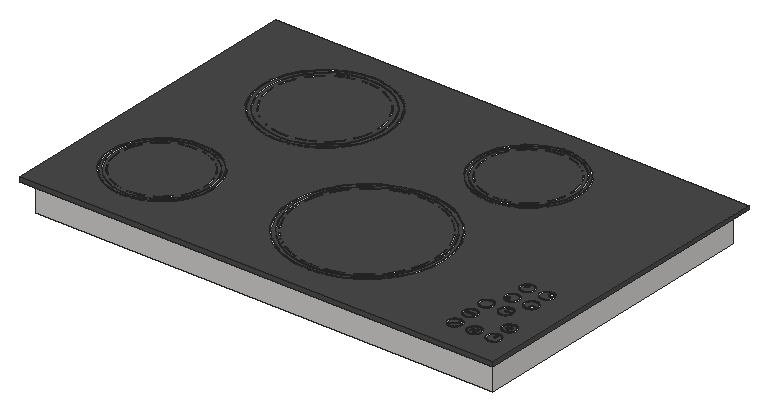
Revit family "QF_Summit_CR4B30T11B_Electric Cooktop", category Specialty Equipment, Revit 2020
Family settings
  Round Connector Dimension = Use Diameter
  Part Type = Normal
  Work Plane-Based = No
  Always vertical = Yes
  Cut with Voids When Loaded = No
  Shared = No
  Room Calculation Point = No
Parameters
  Weight in Pounds = 28
  Watts = Volts * FL Amps  # 6000 W
  Volts = 240 V
  URL Cutsheet = ""
  Specification by User = ""
  Specification by Manufacturer = ""
  Serial Number = ""
  Seismic Rating = ""
  SMACNA No = ""
  Revision Code = ""
  Phase = 1
  Number of Poles = 1
  NAFEM Spec ID Number = ""
  Model = "CR4B30T11B"
  Min Ckt Ampacity = 0 A
  Max Overcurrent Protection = 0 A
  Masterspec = ""
  Manufacturer = "Summit"
  Length = 30 1/4"
  Item Number = ""
  Installed By = ""
  Identify Quantity as Lot = yes
  Height = 2.13"
  HP = ""
  Furnished By = ""
  Foodservice Equipment Identifier = yes
  FL Amps = 25 A
  Electrical Remarks = ""
  Electric Connection Type = ""
  Elec Conn RI Height = 0"
  Elec Conn Connection Height = 0"
  Description = "Electric Cooktop"
  Depth = 20 1/2"
  Default Elevation = 0"
  Cycle = 60 Hz
  Conn Plug = ""
  Conn Conduit = yes
  CSI MasterFormat = ""
  Apparent Power = if(Phase = 3, Volts * FL Amps * 1.73, Volts * FL Amps)  # 6000 VA
Reference planes (in)
  plane 1 "BACK": y = 0
  plane 2: z = 0
  plane 3 "LEFT": x = 0
  plane 4 "RIGHT": x = 30.25
  plane 5 "FRONT": y = -20.5
  plane 6 "TOP": z = 2.13
  plane 7 "Center Y": x = 15.125
  plane 8 "Center X": y = -10.25
  plane 9: y = -19.875
  plane 10: y = -0.625
  plane 11: x = 0.5
  plane 12: x = 29.75
  plane 13: z = 1.88
  plane 14: z = -1
Forms (in)
  Extrusion 1, solid, material "QF_Plastic_Black_Smooth"
    sketch origin (-1.19104, -180, 1.88) x (-1, 0, 0) y (0, -1, 0)
      loop
        line (-1.19104, -180) -> (-1.19104, -159.5) -> (-31.44104, -159.5) -> (-31.44104, -180) -> (-1.19104, -180)
      loop
        circle (-8.72408, -174.48136) r 4
      loop
        circle (-8.72408, -174.48136) r 3.9375
      loop
        arc (-6.61566, -177.13723) -> (-6.23758, -176.78708) -> (-5.91691, -176.3837) r 3.39103
        line (-5.91691, -176.3837) -> (-5.94278, -176.36617)
        arc (-5.94278, -176.36617) -> (-6.26171, -176.76715) -> (-6.6379, -177.11498) r 3.35978
        line (-6.6379, -177.11498) -> (-6.61566, -177.13723)
      loop
        circle (-8.72408, -174.48136) r 3.6878
      loop
        circle (-8.72408, -174.48136) r 3.65655
      loop
        line (-7.02991, -177.41885) -> (-7.04552, -177.39178)
        arc (-7.04552, -177.39178) -> (-7.50193, -177.61097) -> (-7.9861, -177.75908) r 3.35978
        line (-7.9861, -177.75908) -> (-7.97924, -177.78957)
        arc (-7.97924, -177.78957) -> (-7.49057, -177.64008) -> (-7.02991, -177.41885) r 3.39103
      loop
        line (-8.46118, -177.86218) -> (-8.46361, -177.83102)
        arc (-8.46361, -177.83102) -> (-8.9861, -177.8309) -> (-9.50226, -177.74977) r 3.35978
        line (-9.50226, -177.74977) -> (-9.5095, -177.78017)
        arc (-9.5095, -177.78017) -> (-8.98854, -177.86206) -> (-8.46118, -177.86218) r 3.39103
      loop
        line (-9.97115, -177.63475) -> (-9.95966, -177.60569)
        arc (-9.95966, -177.60569) -> (-10.40776, -177.38882) -> (-10.8189, -177.10811) r 3.35978
        line (-10.8189, -177.10811) -> (-10.84114, -177.13035)
        arc (-10.84114, -177.13035) -> (-10.42495, -177.41498) -> (-9.97115, -177.63475) r 3.39103
      loop
        line (-11.20385, -176.79433) -> (-11.18173, -176.77222)
        arc (-11.18173, -176.77222) -> (-11.50442, -176.36758) -> (-11.76112, -175.91819) r 3.35978
        line (-11.76112, -175.91819) -> (-11.78937, -175.93155)
        arc (-11.78937, -175.93155) -> (-11.52997, -176.38558) -> (-11.20385, -176.79433) r 3.39103
      loop
        line (-11.95693, -175.50496) -> (-11.92714, -175.49553)
        arc (-11.92714, -175.49553) -> (-12.04445, -174.99446) -> (-12.08386, -174.48136) r 3.35978
        line (-12.08386, -174.48136) -> (-12.11511, -174.48136)
        arc (-12.11511, -174.48136) -> (-12.07533, -174.99923) -> (-11.95693, -175.50496) r 3.39103
      loop
        line (-12.08287, -174.01488) -> (-12.05192, -174.01917)
        arc (-12.05192, -174.01917) -> (-11.93927, -173.50635) -> (-11.74811, -173.01734) r 3.35978
        line (-11.74811, -173.01734) -> (-11.77624, -173.00372)
        arc (-11.77624, -173.00372) -> (-11.96918, -173.49728) -> (-12.08287, -174.01488) r 3.39103
      loop
        line (-11.54233, -172.59547) -> (-11.51636, -172.61285)
        arc (-11.51636, -172.61285) -> (-11.20163, -172.21203) -> (-10.82991, -171.86342) r 3.35978
        line (-10.82991, -171.86342) -> (-10.8495, -171.83907)
        arc (-10.8495, -171.83907) -> (-11.22468, -172.19092) -> (-11.54233, -172.59547) r 3.39103
      loop
        line (-10.46238, -171.56976) -> (-10.44636, -171.59659)
        arc (-10.44636, -171.59659) -> (-9.97824, -171.36443) -> (-9.47978, -171.20767) r 3.35978
        line (-9.47978, -171.20767) -> (-9.48681, -171.17722)
        arc (-9.48681, -171.17722) -> (-9.9899, -171.33544) -> (-10.46238, -171.56976) r 3.39103
      loop
        line (-9.02136, -171.10338) -> (-9.01862, -171.13451)
        arc (-9.01862, -171.13451) -> (-8.49549, -171.12936) -> (-7.97791, -171.20548) r 3.35978
        line (-7.97791, -171.20548) -> (-7.97097, -171.17501)
        arc (-7.97097, -171.17501) -> (-8.49337, -171.09818) -> (-9.02136, -171.10338) r 3.39103
      loop
        line (-7.4884, -171.32348) -> (-7.49979, -171.35258)
        arc (-7.49979, -171.35258) -> (-7.03485, -171.57712) -> (-6.6098, -171.87024) r 3.35978
        line (-6.6098, -171.87024) -> (-6.58758, -171.84802)
        arc (-6.58758, -171.84802) -> (-7.01771, -171.55093) -> (-7.4884, -171.32348) r 3.39103
      loop
        line (-6.22346, -172.19094) -> (-6.24558, -172.21306)
        arc (-6.24558, -172.21306) -> (-5.93741, -172.60449) -> (-5.69052, -173.03719) r 3.35978
        line (-5.69052, -173.03719) -> (-5.6623, -173.02376)
        arc (-5.6623, -173.02376) -> (-5.91188, -172.58646) -> (-6.22346, -172.19094) r 3.39103
      loop
        line (-5.47708, -173.50356) -> (-5.507, -173.51257)
        arc (-5.507, -173.51257) -> (-5.40017, -173.99174) -> (-5.3643, -174.48136) r 3.35978
        line (-5.3643, -174.48136) -> (-5.33305, -174.48136)
        arc (-5.33305, -174.48136) -> (-5.36925, -173.98718) -> (-5.47708, -173.50356) r 3.39103
      loop
        line (-5.37516, -175.01409) -> (-5.40602, -175.00918)
        arc (-5.40602, -175.00918) -> (-5.51874, -175.4883) -> (-5.70026, -175.94581) r 3.35978
        line (-5.70026, -175.94581) -> (-5.67213, -175.95943)
        arc (-5.67213, -175.95943) -> (-5.48893, -175.49767) -> (-5.37516, -175.01409) r 3.39103
      loop
        circle (-6.23407, -164.51714) r 3.25
      loop
        circle (-6.23407, -164.51714) r 3.1875
      loop
        circle (-6.23407, -164.51714) r 3.01918
      loop
        circle (-6.23407, -164.51714) r 2.98793
      loop
        arc (-3.84186, -165.92561) -> (-3.62719, -165.47142) -> (-3.49789, -164.98597) r 2.77605
        line (-3.49789, -164.98597) -> (-3.52869, -164.98069)
        arc (-3.52869, -164.98069) -> (-3.65653, -165.46067) -> (-3.86878, -165.90976) r 2.7448
        line (-3.86878, -165.90976) -> (-3.84186, -165.92561)
      loop
        line (-4.0982, -166.29042) -> (-4.12224, -166.27046)
        arc (-4.12224, -166.27046) -> (-4.45843, -166.61024) -> (-4.84846, -166.88654) r 2.7448
        line (-4.84846, -166.88654) -> (-4.83269, -166.91351)
        arc (-4.83269, -166.91351) -> (-4.43821, -166.63407) -> (-4.0982, -166.29042) r 2.77605
      loop
        line (-5.27513, -167.12231) -> (-5.28592, -167.09298)
        arc (-5.28592, -167.09298) -> (-5.76727, -167.22196) -> (-6.26401, -167.26178) r 2.7448
        line (-6.26401, -167.26178) -> (-6.26401, -167.29303)
        arc (-6.26401, -167.29303) -> (-5.76179, -167.25272) -> (-5.27513, -167.12231) r 2.77605
      loop
        line (-6.73487, -167.24765) -> (-6.72923, -167.21691)
        arc (-6.72923, -167.21691) -> (-7.19178, -167.08944) -> (-7.62507, -166.88337) r 2.7448
        line (-7.62507, -166.88337) -> (-7.64091, -166.91031)
        arc (-7.64091, -166.91031) -> (-7.20269, -167.11872) -> (-6.73487, -167.24765) r 2.77605
      loop
        arc (-7.98279, -166.63277) -> (-8.3408, -166.27658) -> (-8.62748, -165.86082) r 2.7448
        line (-8.62748, -165.86082) -> (-8.65473, -165.87612)
        arc (-8.65473, -165.87612) -> (-8.36573, -166.29547) -> (-8.00499, -166.65497) r 2.77605
        line (-8.00499, -166.65497) -> (-7.98279, -166.63277)
      loop
        arc (-8.82015, -165.43698) -> (-8.9406, -164.97389) -> (-8.97879, -164.49693) r 2.7448
        line (-8.97879, -164.49693) -> (-9.01004, -164.49693)
        arc (-9.01004, -164.49693) -> (-8.97139, -164.9792) -> (-8.84959, -165.44745) r 2.77605
        line (-8.84959, -165.44745) -> (-8.82015, -165.43698)
      loop
        arc (-8.9391, -164.05157) -> (-8.81254, -163.57616) -> (-8.60314, -163.13099) r 2.7448
        line (-8.60314, -163.13099) -> (-8.63012, -163.11521)
        arc (-8.63012, -163.11521) -> (-8.84189, -163.56545) -> (-8.96989, -164.04627) r 2.77605
        line (-8.96989, -164.04627) -> (-8.9391, -164.05157)
      loop
        arc (-8.33993, -162.75666) -> (-8.00222, -162.41772) -> (-7.61079, -162.14257) r 2.7448
        line (-7.61079, -162.14257) -> (-7.62646, -162.11554)
        arc (-7.62646, -162.11554) -> (-8.02128, -162.39292) -> (-8.36211, -162.73448) r 2.77605
        line (-8.36211, -162.73448) -> (-8.33993, -162.75666)
      loop
        arc (-7.18859, -161.94365) -> (-6.72422, -161.81646) -> (-6.24478, -161.77236) r 2.7448
        line (-6.24478, -161.77236) -> (-6.24478, -161.74111)
        arc (-6.24478, -161.74111) -> (-6.72975, -161.7857) -> (-7.19946, -161.91435) r 2.77605
        line (-7.19946, -161.91435) -> (-7.18859, -161.94365)
      loop
        arc (-5.81527, -161.80447) -> (-5.30447, -161.93454) -> (-4.82795, -162.15985) r 2.7448
        line (-4.82795, -162.15985) -> (-4.81194, -162.13302)
        arc (-4.81194, -162.13302) -> (-5.29389, -161.90514) -> (-5.8105, -161.77359) r 2.77605
        line (-5.8105, -161.77359) -> (-5.81527, -161.80447)
      loop
        arc (-4.491, -162.39684) -> (-4.12879, -162.75595) -> (-3.83929, -163.17588) r 2.7448
        line (-3.83929, -163.17588) -> (-3.81202, -163.16061)
        arc (-3.81202, -163.16061) -> (-4.10385, -162.73707) -> (-4.4688, -162.37464) r 2.77605
        line (-4.4688, -162.37464) -> (-4.491, -162.39684)
      loop
        arc (-3.65648, -163.57376) -> (-3.52834, -164.05565) -> (-3.48949, -164.55278) r 2.7448
        line (-3.48949, -164.55278) -> (-3.45824, -164.55278)
        arc (-3.45824, -164.55278) -> (-3.49757, -164.0502) -> (-3.62713, -163.56302) r 2.77605
        line (-3.62713, -163.56302) -> (-3.65648, -163.57376)
      loop
        circle (-20.9804, -175.4572) r 3.25
      loop
        circle (-20.9804, -175.4572) r 3.1875
      loop
        circle (-20.9804, -175.4572) r 3.01918
      loop
        circle (-20.9804, -175.4572) r 2.98793
      loop
        arc (-18.58819, -176.86568) -> (-18.37352, -176.41148) -> (-18.24422, -175.92603) r 2.77605
        line (-18.24422, -175.92603) -> (-18.27502, -175.92075)
        arc (-18.27502, -175.92075) -> (-18.40287, -176.40074) -> (-18.61512, -176.84982) r 2.7448
        line (-18.61512, -176.84982) -> (-18.58819, -176.86568)
      loop
        line (-18.84453, -177.23049) -> (-18.86858, -177.21053)
        arc (-18.86858, -177.21053) -> (-19.20476, -177.5503) -> (-19.5948, -177.8266) r 2.7448
        line (-19.5948, -177.8266) -> (-19.57902, -177.85358)
        arc (-19.57902, -177.85358) -> (-19.18455, -177.57413) -> (-18.84453, -177.23049) r 2.77605
      loop
        line (-20.02146, -178.06237) -> (-20.03226, -178.03304)
        arc (-20.03226, -178.03304) -> (-20.51361, -178.16202) -> (-21.01034, -178.20184) r 2.7448
        line (-21.01034, -178.20184) -> (-21.01034, -178.23309)
        arc (-21.01034, -178.23309) -> (-20.50812, -178.19279) -> (-20.02146, -178.06237) r 2.77605
      loop
        line (-21.4812, -178.18771) -> (-21.47556, -178.15697)
        arc (-21.47556, -178.15697) -> (-21.93812, -178.0295) -> (-22.37141, -177.82343) r 2.7448
        line (-22.37141, -177.82343) -> (-22.38724, -177.85037)
        arc (-22.38724, -177.85037) -> (-21.94902, -178.05879) -> (-21.4812, -178.18771) r 2.77605
      loop
        arc (-22.72912, -177.57283) -> (-23.08713, -177.21664) -> (-23.37382, -176.80089) r 2.7448
        line (-23.37382, -176.80089) -> (-23.40107, -176.81619)
        arc (-23.40107, -176.81619) -> (-23.11207, -177.23553) -> (-22.75132, -177.59503) r 2.77605
        line (-22.75132, -177.59503) -> (-22.72912, -177.57283)
      loop
        arc (-23.56649, -176.37704) -> (-23.68693, -175.91395) -> (-23.72513, -175.43699) r 2.7448
        line (-23.72513, -175.43699) -> (-23.75638, -175.43699)
        arc (-23.75638, -175.43699) -> (-23.71773, -175.91927) -> (-23.59593, -176.38751) r 2.77605
        line (-23.59593, -176.38751) -> (-23.56649, -176.37704)
      loop
        arc (-23.68543, -174.99163) -> (-23.55887, -174.51623) -> (-23.34948, -174.07105) r 2.7448
        line (-23.34948, -174.07105) -> (-23.37645, -174.05527)
        arc (-23.37645, -174.05527) -> (-23.58823, -174.50551) -> (-23.71623, -174.98633) r 2.77605
        line (-23.71623, -174.98633) -> (-23.68543, -174.99163)
      loop
        arc (-23.08626, -173.69672) -> (-22.74856, -173.35778) -> (-22.35712, -173.08263) r 2.7448
        line (-22.35712, -173.08263) -> (-22.3728, -173.0556)
        arc (-22.3728, -173.0556) -> (-22.76762, -173.33298) -> (-23.10845, -173.67454) r 2.77605
        line (-23.10845, -173.67454) -> (-23.08626, -173.69672)
      loop
        arc (-21.93492, -172.88372) -> (-21.47056, -172.75652) -> (-20.99111, -172.71242) r 2.7448
        line (-20.99111, -172.71242) -> (-20.99111, -172.68117)
        arc (-20.99111, -172.68117) -> (-21.47608, -172.72576) -> (-21.94579, -172.85442) r 2.77605
        line (-21.94579, -172.85442) -> (-21.93492, -172.88372)
      loop
        arc (-20.56161, -172.74454) -> (-20.05081, -172.87461) -> (-19.57429, -173.09992) r 2.7448
        line (-19.57429, -173.09992) -> (-19.55828, -173.07308)
        arc (-19.55828, -173.07308) -> (-20.04022, -172.8452) -> (-20.55684, -172.71365) r 2.77605
        line (-20.55684, -172.71365) -> (-20.56161, -172.74454)
      loop
        arc (-19.23733, -173.3369) -> (-18.87513, -173.69602) -> (-18.58562, -174.11594) r 2.7448
        line (-18.58562, -174.11594) -> (-18.55836, -174.10067)
        arc (-18.55836, -174.10067) -> (-18.85018, -173.67714) -> (-19.21513, -173.3147) r 2.77605
        line (-19.21513, -173.3147) -> (-19.23733, -173.3369)
      loop
        arc (-18.40281, -174.51382) -> (-18.27467, -174.99572) -> (-18.23583, -175.49284) r 2.7448
        line (-18.23583, -175.49284) -> (-18.20458, -175.49284)
        arc (-18.20458, -175.49284) -> (-18.2439, -174.99026) -> (-18.37346, -174.50308) r 2.77605
        line (-18.37346, -174.50308) -> (-18.40281, -174.51382)
      loop
        circle (-18.19961, -166.01665) r 4.875
      loop
        circle (-18.19961, -166.01665) r 4.8125
      loop
        circle (-18.19961, -166.01665) r 4.60317
      loop
        circle (-18.19961, -166.01665) r 4.57192
      loop
        arc (-21.55903, -163.16267) -> (-21.88385, -163.59648) -> (-22.15299, -164.06686) r 4.40804
        line (-22.15299, -164.06686) -> (-22.12496, -164.08069)
        arc (-22.12496, -164.08069) -> (-21.85843, -163.6147) -> (-21.53686, -163.18484) r 4.37679
        line (-21.53686, -163.18484) -> (-21.55903, -163.16267)
      loop
        arc (-20.39444, -162.19388) -> (-20.83409, -162.48247) -> (-21.23623, -162.82137) r 4.40804
        line (-21.23623, -162.82137) -> (-21.21413, -162.84348)
        arc (-21.21413, -162.84348) -> (-20.81509, -162.50729) -> (-20.37888, -162.22098) r 4.37679
        line (-20.37888, -162.22098) -> (-20.39444, -162.19388)
      loop
        line (-22.30678, -164.50421) -> (-22.33611, -164.49341)
        arc (-22.33611, -164.49341) -> (-22.48696, -164.9922) -> (-22.5779, -165.50531) r 4.40804
        line (-22.5779, -165.50531) -> (-22.54686, -165.50894)
        arc (-22.54686, -165.50894) -> (-22.45657, -164.99946) -> (-22.30678, -164.50421) r 4.37679
      loop
        line (-22.57638, -166.00127) -> (-22.60763, -166.00127)
        arc (-22.60763, -166.00127) -> (-22.57905, -166.51801) -> (-22.49011, -167.02784) r 4.40804
        line (-22.49011, -167.02784) -> (-22.45969, -167.02067)
        arc (-22.45969, -167.02067) -> (-22.54801, -166.5144) -> (-22.57638, -166.00127) r 4.37679
      loop
        line (-22.32077, -167.49054) -> (-22.3502, -167.50106)
        arc (-22.3502, -167.50106) -> (-22.13797, -167.9966) -> (-21.86683, -168.46253) r 4.40804
        line (-21.86683, -168.46253) -> (-21.84084, -168.44519)
        arc (-21.84084, -168.44519) -> (-22.11005, -167.98256) -> (-22.32077, -167.49054) r 4.37679
      loop
        line (-21.5692, -168.80988) -> (-21.59326, -168.82983)
        arc (-21.59326, -168.82983) -> (-21.21276, -169.23407) -> (-20.78447, -169.58727) r 4.40804
        line (-20.78447, -169.58727) -> (-20.76209, -169.56489)
        arc (-20.76209, -169.56489) -> (-21.18957, -169.21297) -> (-21.5692, -168.80988) r 4.37679
      loop
        line (-20.42632, -169.78468) -> (-20.44222, -169.81159)
        arc (-20.44222, -169.81159) -> (-19.95568, -170.0598) -> (-19.44218, -170.24593) r 4.40804
        line (-19.44218, -170.24593) -> (-19.43337, -170.21595)
        arc (-19.43337, -170.21595) -> (-19.94323, -170.03113) -> (-20.42632, -169.78468) r 4.37679
      loop
        line (-18.98147, -170.32304) -> (-18.98705, -170.35379)
        arc (-18.98705, -170.35379) -> (-18.45877, -170.41706) -> (-17.92672, -170.41623) r 4.40804
        line (-17.92672, -170.41623) -> (-17.92865, -170.38504)
        arc (-17.92865, -170.38504) -> (-18.45694, -170.38587) -> (-18.98147, -170.32304) r 4.37679
      loop
        line (-17.46485, -170.33132) -> (-17.45961, -170.36213)
        arc (-17.45961, -170.36213) -> (-16.93855, -170.24045) -> (-16.43608, -170.05654) r 4.40804
        line (-16.43608, -170.05654) -> (-16.44858, -170.0279)
        arc (-16.44858, -170.0279) -> (-16.94749, -170.21051) -> (-17.46485, -170.33132) r 4.37679
      loop
        line (-16.01395, -169.80864) -> (-15.99835, -169.83571)
        arc (-15.99835, -169.83571) -> (-15.56252, -169.54887) -> (-15.16364, -169.21253) r 4.40804
        line (-15.16364, -169.21253) -> (-15.18575, -169.19043)
        arc (-15.18575, -169.19043) -> (-15.58154, -169.52406) -> (-16.01395, -169.80864) r 4.37679
      loop
        line (-14.85725, -168.8424) -> (-14.83338, -168.86258)
        arc (-14.83338, -168.86258) -> (-14.51433, -168.43523) -> (-14.24923, -167.97247) r 4.40804
        line (-14.24923, -167.97247) -> (-14.27723, -167.95861)
        arc (-14.27723, -167.95861) -> (-14.54046, -168.41808) -> (-14.85725, -168.8424) r 4.37679
      loop
        line (-14.10163, -167.55378) -> (-14.07237, -167.56476)
        arc (-14.07237, -167.56476) -> (-13.91347, -167.0461) -> (-13.81948, -166.51185) r 4.40804
        line (-13.81948, -166.51185) -> (-13.85053, -166.50834)
        arc (-13.85053, -166.50834) -> (-13.94385, -167.0388) -> (-14.10163, -167.55378) r 4.37679
      loop
        line (-13.82292, -166.04529) -> (-13.79167, -166.04529)
        arc (-13.79167, -166.04529) -> (-13.82232, -165.49693) -> (-13.92092, -164.95663) r 4.40804
        line (-13.92092, -164.95663) -> (-13.95126, -164.96415)
        arc (-13.95126, -164.96415) -> (-13.85334, -165.50071) -> (-13.82292, -166.04529) r 4.37679
      loop
        line (-14.08223, -164.53225) -> (-14.05283, -164.52165)
        arc (-14.05283, -164.52165) -> (-14.26844, -164.02248) -> (-14.54388, -163.55364) r 4.40804
        line (-14.54388, -163.55364) -> (-14.56979, -163.5711)
        arc (-14.56979, -163.5711) -> (-14.29631, -164.03661) -> (-14.08223, -164.53225) r 4.37679
      loop
        line (-14.85238, -163.19666) -> (-14.8302, -163.17449)
        arc (-14.8302, -163.17449) -> (-15.20489, -162.78208) -> (-15.62495, -162.43867) r 4.40804
        line (-15.62495, -162.43867) -> (-15.6432, -162.46403)
        arc (-15.6432, -162.46403) -> (-15.22515, -162.80591) -> (-14.85238, -163.19666) r 4.37679
      loop
        arc (-16.01609, -162.18741) -> (-16.49122, -161.95313) -> (-16.99102, -161.77753) r 4.40804
        line (-16.99102, -161.77753) -> (-16.99959, -161.80758)
        arc (-16.99959, -161.80758) -> (-16.50333, -161.98193) -> (-16.03157, -162.21456) r 4.37679
        line (-16.03157, -162.21456) -> (-16.01609, -162.18741)
      loop
        arc (-17.43348, -161.6757) -> (-17.97429, -161.61437) -> (-18.51853, -161.62016) r 4.40804
        line (-18.51853, -161.62016) -> (-18.51853, -161.65149)
        arc (-18.51853, -161.65149) -> (-17.97702, -161.64552) -> (-17.43892, -161.70647) r 4.37679
        line (-17.43892, -161.70647) -> (-17.43348, -161.6757)
      loop
        arc (-18.96637, -161.67581) -> (-19.4832, -161.79963) -> (-19.98137, -161.98475) r 4.40804
        line (-19.98137, -161.98475) -> (-19.96874, -162.01334)
        arc (-19.96874, -162.01334) -> (-19.4741, -161.82953) -> (-18.96094, -161.70658) r 4.37679
        line (-18.96094, -161.70658) -> (-18.96637, -161.67581)
      loop
        circle (-28.09331, -166.50528) r 0.42869
      loop
        circle (-28.09331, -166.50528) r 0.39744
      loop
        circle (-27.93226, -166.66736) r 0.13534
      loop
        circle (-29.32929, -166.50528) r 0.42869
      loop
        circle (-29.32929, -166.50528) r 0.39744
      loop
        circle (-29.49034, -166.66736) r 0.13534
      loop
        circle (-28.09331, -165.25844) r 0.42869
      loop
        circle (-28.09331, -165.25844) r 0.39744
      loop
        circle (-27.93226, -165.09635) r 0.13534
      loop
        circle (-29.32929, -165.25844) r 0.42869
      loop
        circle (-29.32929, -165.25844) r 0.39744
      loop
        circle (-29.49034, -165.09635) r 0.13534
      loop
        circle (-27.47052, -163.98336) r 0.42869
      loop
        circle (-27.47052, -163.98336) r 0.36619
      loop
        circle (-28.72052, -163.98336) r 0.42869
      loop
        circle (-28.72052, -163.98336) r 0.39744
      loop
        line (-28.66923, -163.93128) -> (-29.04792, -163.99805) -> (-28.73876, -164.0251) -> (-28.70296, -164.31671) -> (-28.66923, -163.93128)
      loop
        circle (-27.45184, -162.7303) r 0.42869
      loop
        circle (-27.45184, -162.7303) r 0.39744
      loop
        circle (-29.95184, -162.7303) r 0.42869
      loop
        circle (-29.95184, -162.7303) r 0.39744
      loop
        circle (-27.44939, -161.49453) r 0.42869
      loop
        circle (-27.44939, -161.49453) r 0.39744
      loop
        circle (-28.70437, -161.49453) r 0.42869
      loop
        circle (-28.70437, -161.49453) r 0.39744
      loop
        circle (-29.93468, -161.49453) r 0.42869
      loop
        circle (-29.93468, -161.49453) r 0.39744
      loop
        arc (-27.61488, -161.61721) -> (-27.68992, -161.73628) -> (-27.57085, -161.66124) r 0.07216
        line (-27.57085, -161.66124) -> (-27.20903, -161.29941) -> (-27.25306, -161.25538) -> (-27.61488, -161.61721)
      loop
        line (-28.74652, -161.69667) -> (-28.74652, -161.32296) -> (-28.87513, -161.32296) -> (-28.87513, -161.69667) -> (-28.74652, -161.69667)
      loop
        line (-28.72039, -161.50982) -> (-28.4702, -161.6485) -> (-28.4702, -161.37114) -> (-28.72039, -161.50982)
      loop
        line (-27.2153, -162.79577) -> (-27.2153, -162.67776) -> (-27.6919, -162.67776) -> (-27.6919, -162.79577) -> (-27.2153, -162.79577)
      loop
        line (-29.99819, -161.83405) -> (-29.89614, -161.83405) -> (-29.89614, -161.53391) -> (-29.99819, -161.53391) -> (-29.99819, -161.83405)
      loop
        line (-29.91177, -162.90394) -> (-29.91177, -162.77433) -> (-29.7836, -162.77433) -> (-29.7836, -162.68296) -> (-29.91177, -162.68296) -> (-29.91177, -162.55247) -> (-29.99935, -162.55247) -> (-29.99935, -162.68296) -> (-30.11941, -162.68296) -> (-30.11941, -162.77433) -> (-29.99935, -162.77433) -> (-29.99935, -162.90394) -> (-29.91177, -162.90394)
    from 0 to 0.25
  Extrusion 2, solid, material "QF_Plastic_White_Smooth"
    sketch origin (-1.19104, -180, 1.88) x (-1, 0, 0) y (0, -1, 0)
      loop
        circle (-8.72408, -174.48136) r 4
      loop
        circle (-8.72408, -174.48136) r 3.9375
      loop
        circle (-8.72408, -174.48136) r 3.6878
      loop
        circle (-8.72408, -174.48136) r 3.65655
      loop
        line (-5.37516, -175.01409) -> (-5.40602, -175.00918)
        arc (-5.40602, -175.00918) -> (-5.51874, -175.4883) -> (-5.70026, -175.94581) r 3.35978
        line (-5.70026, -175.94581) -> (-5.67213, -175.95943)
        arc (-5.67213, -175.95943) -> (-5.48893, -175.49767) -> (-5.37516, -175.01409) r 3.39103
      loop
        line (-5.47708, -173.50356) -> (-5.507, -173.51257)
        arc (-5.507, -173.51257) -> (-5.40017, -173.99174) -> (-5.3643, -174.48136) r 3.35978
        line (-5.3643, -174.48136) -> (-5.33305, -174.48136)
        arc (-5.33305, -174.48136) -> (-5.36925, -173.98718) -> (-5.47708, -173.50356) r 3.39103
      loop
        line (-6.22346, -172.19094) -> (-6.24558, -172.21306)
        arc (-6.24558, -172.21306) -> (-5.93741, -172.60449) -> (-5.69052, -173.03719) r 3.35978
        line (-5.69052, -173.03719) -> (-5.6623, -173.02376)
        arc (-5.6623, -173.02376) -> (-5.91188, -172.58646) -> (-6.22346, -172.19094) r 3.39103
      loop
        line (-7.4884, -171.32348) -> (-7.49979, -171.35258)
        arc (-7.49979, -171.35258) -> (-7.03485, -171.57712) -> (-6.6098, -171.87024) r 3.35978
        line (-6.6098, -171.87024) -> (-6.58758, -171.84802)
        arc (-6.58758, -171.84802) -> (-7.01771, -171.55093) -> (-7.4884, -171.32348) r 3.39103
      loop
        line (-9.02136, -171.10338) -> (-9.01862, -171.13451)
        arc (-9.01862, -171.13451) -> (-8.49549, -171.12936) -> (-7.97791, -171.20548) r 3.35978
        line (-7.97791, -171.20548) -> (-7.97097, -171.17501)
        arc (-7.97097, -171.17501) -> (-8.49337, -171.09818) -> (-9.02136, -171.10338) r 3.39103
      loop
        line (-10.46238, -171.56976) -> (-10.44636, -171.59659)
        arc (-10.44636, -171.59659) -> (-9.97824, -171.36443) -> (-9.47978, -171.20767) r 3.35978
        line (-9.47978, -171.20767) -> (-9.48681, -171.17722)
        arc (-9.48681, -171.17722) -> (-9.9899, -171.33544) -> (-10.46238, -171.56976) r 3.39103
      loop
        line (-11.54233, -172.59547) -> (-11.51636, -172.61285)
        arc (-11.51636, -172.61285) -> (-11.20163, -172.21203) -> (-10.82991, -171.86342) r 3.35978
        line (-10.82991, -171.86342) -> (-10.8495, -171.83907)
        arc (-10.8495, -171.83907) -> (-11.22468, -172.19092) -> (-11.54233, -172.59547) r 3.39103
      loop
        line (-12.08287, -174.01488) -> (-12.05192, -174.01917)
        arc (-12.05192, -174.01917) -> (-11.93927, -173.50635) -> (-11.74811, -173.01734) r 3.35978
        line (-11.74811, -173.01734) -> (-11.77624, -173.00372)
        arc (-11.77624, -173.00372) -> (-11.96918, -173.49728) -> (-12.08287, -174.01488) r 3.39103
      loop
        line (-11.95693, -175.50496) -> (-11.92714, -175.49553)
        arc (-11.92714, -175.49553) -> (-12.04445, -174.99446) -> (-12.08386, -174.48136) r 3.35978
        line (-12.08386, -174.48136) -> (-12.11511, -174.48136)
        arc (-12.11511, -174.48136) -> (-12.07533, -174.99923) -> (-11.95693, -175.50496) r 3.39103
      loop
        line (-11.20385, -176.79433) -> (-11.18173, -176.77222)
        arc (-11.18173, -176.77222) -> (-11.50442, -176.36758) -> (-11.76112, -175.91819) r 3.35978
        line (-11.76112, -175.91819) -> (-11.78937, -175.93155)
        arc (-11.78937, -175.93155) -> (-11.52997, -176.38558) -> (-11.20385, -176.79433) r 3.39103
      loop
        line (-9.97115, -177.63475) -> (-9.95966, -177.60569)
        arc (-9.95966, -177.60569) -> (-10.40776, -177.38882) -> (-10.8189, -177.10811) r 3.35978
        line (-10.8189, -177.10811) -> (-10.84114, -177.13035)
        arc (-10.84114, -177.13035) -> (-10.42495, -177.41498) -> (-9.97115, -177.63475) r 3.39103
      loop
        line (-8.46118, -177.86218) -> (-8.46361, -177.83102)
        arc (-8.46361, -177.83102) -> (-8.9861, -177.8309) -> (-9.50226, -177.74977) r 3.35978
        line (-9.50226, -177.74977) -> (-9.5095, -177.78017)
        arc (-9.5095, -177.78017) -> (-8.98854, -177.86206) -> (-8.46118, -177.86218) r 3.39103
      loop
        line (-7.02991, -177.41885) -> (-7.04552, -177.39178)
        arc (-7.04552, -177.39178) -> (-7.50193, -177.61097) -> (-7.9861, -177.75908) r 3.35978
        line (-7.9861, -177.75908) -> (-7.97924, -177.78957)
        arc (-7.97924, -177.78957) -> (-7.49057, -177.64008) -> (-7.02991, -177.41885) r 3.39103
      loop
        line (-5.91691, -176.3837) -> (-5.94278, -176.36617)
        arc (-5.94278, -176.36617) -> (-6.26171, -176.76715) -> (-6.6379, -177.11498) r 3.35978
        line (-6.6379, -177.11498) -> (-6.61566, -177.13723)
        arc (-6.61566, -177.13723) -> (-6.23758, -176.78708) -> (-5.91691, -176.3837) r 3.39103
      loop
        circle (-6.23407, -164.51714) r 3.25
      loop
        circle (-6.23407, -164.51714) r 3.1875
      loop
        circle (-6.23407, -164.51714) r 3.01918
      loop
        circle (-6.23407, -164.51714) r 2.98793
      loop
        line (-3.86878, -165.90976) -> (-3.84186, -165.92561)
        arc (-3.84186, -165.92561) -> (-3.62719, -165.47142) -> (-3.49789, -164.98597) r 2.77605
        line (-3.49789, -164.98597) -> (-3.52869, -164.98069)
        arc (-3.52869, -164.98069) -> (-3.65653, -165.46067) -> (-3.86878, -165.90976) r 2.7448
      loop
        line (-3.48949, -164.55278) -> (-3.45824, -164.55278)
        arc (-3.45824, -164.55278) -> (-3.49757, -164.0502) -> (-3.62713, -163.56302) r 2.77605
        line (-3.62713, -163.56302) -> (-3.65648, -163.57376)
        arc (-3.65648, -163.57376) -> (-3.52834, -164.05565) -> (-3.48949, -164.55278) r 2.7448
      loop
        line (-4.0982, -166.29042) -> (-4.12224, -166.27046)
        arc (-4.12224, -166.27046) -> (-4.45843, -166.61024) -> (-4.84846, -166.88654) r 2.7448
        line (-4.84846, -166.88654) -> (-4.83269, -166.91351)
        arc (-4.83269, -166.91351) -> (-4.43821, -166.63407) -> (-4.0982, -166.29042) r 2.77605
      loop
        line (-6.26401, -167.26178) -> (-6.26401, -167.29303)
        arc (-6.26401, -167.29303) -> (-5.76179, -167.25272) -> (-5.27513, -167.12231) r 2.77605
        line (-5.27513, -167.12231) -> (-5.28592, -167.09298)
        arc (-5.28592, -167.09298) -> (-5.76727, -167.22196) -> (-6.26401, -167.26178) r 2.7448
      loop
        line (-7.62507, -166.88337) -> (-7.64091, -166.91031)
        arc (-7.64091, -166.91031) -> (-7.20269, -167.11872) -> (-6.73487, -167.24765) r 2.77605
        line (-6.73487, -167.24765) -> (-6.72923, -167.21691)
        arc (-6.72923, -167.21691) -> (-7.19178, -167.08944) -> (-7.62507, -166.88337) r 2.7448
      loop
        line (-8.62748, -165.86082) -> (-8.65473, -165.87612)
        arc (-8.65473, -165.87612) -> (-8.36573, -166.29547) -> (-8.00499, -166.65497) r 2.77605
        line (-8.00499, -166.65497) -> (-7.98279, -166.63277)
        arc (-7.98279, -166.63277) -> (-8.3408, -166.27658) -> (-8.62748, -165.86082) r 2.7448
      loop
        line (-8.84959, -165.44745) -> (-8.82015, -165.43698)
        arc (-8.82015, -165.43698) -> (-8.9406, -164.97389) -> (-8.97879, -164.49693) r 2.7448
        line (-8.97879, -164.49693) -> (-9.01004, -164.49693)
        arc (-9.01004, -164.49693) -> (-8.97139, -164.9792) -> (-8.84959, -165.44745) r 2.77605
      loop
        line (-8.96989, -164.04627) -> (-8.9391, -164.05157)
        arc (-8.9391, -164.05157) -> (-8.81254, -163.57616) -> (-8.60314, -163.13099) r 2.7448
        line (-8.60314, -163.13099) -> (-8.63012, -163.11521)
        arc (-8.63012, -163.11521) -> (-8.84189, -163.56545) -> (-8.96989, -164.04627) r 2.77605
      loop
        line (-8.36211, -162.73448) -> (-8.33993, -162.75666)
        arc (-8.33993, -162.75666) -> (-8.00222, -162.41772) -> (-7.61079, -162.14257) r 2.7448
        line (-7.61079, -162.14257) -> (-7.62646, -162.11554)
        arc (-7.62646, -162.11554) -> (-8.02128, -162.39292) -> (-8.36211, -162.73448) r 2.77605
      loop
        line (-7.19946, -161.91435) -> (-7.18859, -161.94365)
        arc (-7.18859, -161.94365) -> (-6.72422, -161.81646) -> (-6.24478, -161.77236) r 2.7448
        line (-6.24478, -161.77236) -> (-6.24478, -161.74111)
        arc (-6.24478, -161.74111) -> (-6.72975, -161.7857) -> (-7.19946, -161.91435) r 2.77605
      loop
        line (-5.8105, -161.77359) -> (-5.81527, -161.80447)
        arc (-5.81527, -161.80447) -> (-5.30447, -161.93454) -> (-4.82795, -162.15985) r 2.7448
        line (-4.82795, -162.15985) -> (-4.81194, -162.13302)
        arc (-4.81194, -162.13302) -> (-5.29389, -161.90514) -> (-5.8105, -161.77359) r 2.77605
      loop
        line (-4.4688, -162.37464) -> (-4.491, -162.39684)
        arc (-4.491, -162.39684) -> (-4.12879, -162.75595) -> (-3.83929, -163.17588) r 2.7448
        line (-3.83929, -163.17588) -> (-3.81202, -163.16061)
        arc (-3.81202, -163.16061) -> (-4.10385, -162.73707) -> (-4.4688, -162.37464) r 2.77605
      loop
        circle (-18.19961, -166.01665) r 4.875
      loop
        circle (-18.19961, -166.01665) r 4.8125
      loop
        circle (-18.19961, -166.01665) r 4.60317
      loop
        circle (-18.19961, -166.01665) r 4.57192
      loop
        line (-13.81948, -166.51185) -> (-13.85053, -166.50834)
        arc (-13.85053, -166.50834) -> (-13.94385, -167.0388) -> (-14.10163, -167.55378) r 4.37679
        line (-14.10163, -167.55378) -> (-14.07237, -167.56476)
        arc (-14.07237, -167.56476) -> (-13.91347, -167.0461) -> (-13.81948, -166.51185) r 4.40804
      loop
        line (-13.82292, -166.04529) -> (-13.79167, -166.04529)
        arc (-13.79167, -166.04529) -> (-13.82232, -165.49693) -> (-13.92092, -164.95663) r 4.40804
        line (-13.92092, -164.95663) -> (-13.95126, -164.96415)
        arc (-13.95126, -164.96415) -> (-13.85334, -165.50071) -> (-13.82292, -166.04529) r 4.37679
      loop
        line (-14.54388, -163.55364) -> (-14.56979, -163.5711)
        arc (-14.56979, -163.5711) -> (-14.29631, -164.03661) -> (-14.08223, -164.53225) r 4.37679
        line (-14.08223, -164.53225) -> (-14.05283, -164.52165)
        arc (-14.05283, -164.52165) -> (-14.26844, -164.02248) -> (-14.54388, -163.55364) r 4.40804
      loop
        line (-15.62495, -162.43867) -> (-15.6432, -162.46403)
        arc (-15.6432, -162.46403) -> (-15.22515, -162.80591) -> (-14.85238, -163.19666) r 4.37679
        line (-14.85238, -163.19666) -> (-14.8302, -163.17449)
        arc (-14.8302, -163.17449) -> (-15.20489, -162.78208) -> (-15.62495, -162.43867) r 4.40804
      loop
        line (-16.99102, -161.77753) -> (-16.99959, -161.80758)
        arc (-16.99959, -161.80758) -> (-16.50333, -161.98193) -> (-16.03157, -162.21456) r 4.37679
        line (-16.03157, -162.21456) -> (-16.01609, -162.18741)
        arc (-16.01609, -162.18741) -> (-16.49122, -161.95313) -> (-16.99102, -161.77753) r 4.40804
      loop
        line (-18.51853, -161.62016) -> (-18.51853, -161.65149)
        arc (-18.51853, -161.65149) -> (-17.97702, -161.64552) -> (-17.43892, -161.70647) r 4.37679
        line (-17.43892, -161.70647) -> (-17.43348, -161.6757)
        arc (-17.43348, -161.6757) -> (-17.97429, -161.61437) -> (-18.51853, -161.62016) r 4.40804
      loop
        line (-19.98137, -161.98475) -> (-19.96874, -162.01334)
        arc (-19.96874, -162.01334) -> (-19.4741, -161.82953) -> (-18.96094, -161.70658) r 4.37679
        line (-18.96094, -161.70658) -> (-18.96637, -161.67581)
        arc (-18.96637, -161.67581) -> (-19.4832, -161.79963) -> (-19.98137, -161.98475) r 4.40804
      loop
        line (-21.23623, -162.82137) -> (-21.21413, -162.84348)
        arc (-21.21413, -162.84348) -> (-20.81509, -162.50729) -> (-20.37888, -162.22098) r 4.37679
        line (-20.37888, -162.22098) -> (-20.39444, -162.19388)
        arc (-20.39444, -162.19388) -> (-20.83409, -162.48247) -> (-21.23623, -162.82137) r 4.40804
      loop
        line (-22.15299, -164.06686) -> (-22.12496, -164.08069)
        arc (-22.12496, -164.08069) -> (-21.85843, -163.6147) -> (-21.53686, -163.18484) r 4.37679
        line (-21.53686, -163.18484) -> (-21.55903, -163.16267)
        arc (-21.55903, -163.16267) -> (-21.88385, -163.59648) -> (-22.15299, -164.06686) r 4.40804
      loop
        line (-22.5779, -165.50531) -> (-22.54686, -165.50894)
        arc (-22.54686, -165.50894) -> (-22.45657, -164.99946) -> (-22.30678, -164.50421) r 4.37679
        line (-22.30678, -164.50421) -> (-22.33611, -164.49341)
        arc (-22.33611, -164.49341) -> (-22.48696, -164.9922) -> (-22.5779, -165.50531) r 4.40804
      loop
        line (-22.49011, -167.02784) -> (-22.45969, -167.02067)
        arc (-22.45969, -167.02067) -> (-22.54801, -166.5144) -> (-22.57638, -166.00127) r 4.37679
        line (-22.57638, -166.00127) -> (-22.60763, -166.00127)
        arc (-22.60763, -166.00127) -> (-22.57905, -166.51801) -> (-22.49011, -167.02784) r 4.40804
      loop
        line (-21.86683, -168.46253) -> (-21.84084, -168.44519)
        arc (-21.84084, -168.44519) -> (-22.11005, -167.98256) -> (-22.32077, -167.49054) r 4.37679
        line (-22.32077, -167.49054) -> (-22.3502, -167.50106)
        arc (-22.3502, -167.50106) -> (-22.13797, -167.9966) -> (-21.86683, -168.46253) r 4.40804
      loop
        line (-20.78447, -169.58727) -> (-20.76209, -169.56489)
        arc (-20.76209, -169.56489) -> (-21.18957, -169.21297) -> (-21.5692, -168.80988) r 4.37679
        line (-21.5692, -168.80988) -> (-21.59326, -168.82983)
        arc (-21.59326, -168.82983) -> (-21.21276, -169.23407) -> (-20.78447, -169.58727) r 4.40804
      loop
        line (-19.44218, -170.24593) -> (-19.43337, -170.21595)
        arc (-19.43337, -170.21595) -> (-19.94323, -170.03113) -> (-20.42632, -169.78468) r 4.37679
        line (-20.42632, -169.78468) -> (-20.44222, -169.81159)
        arc (-20.44222, -169.81159) -> (-19.95568, -170.0598) -> (-19.44218, -170.24593) r 4.40804
      loop
        line (-17.92672, -170.41623) -> (-17.92865, -170.38504)
        arc (-17.92865, -170.38504) -> (-18.45694, -170.38587) -> (-18.98147, -170.32304) r 4.37679
        line (-18.98147, -170.32304) -> (-18.98705, -170.35379)
        arc (-18.98705, -170.35379) -> (-18.45877, -170.41706) -> (-17.92672, -170.41623) r 4.40804
      loop
        line (-17.46485, -170.33132) -> (-17.45961, -170.36213)
        arc (-17.45961, -170.36213) -> (-16.93855, -170.24045) -> (-16.43608, -170.05654) r 4.40804
        line (-16.43608, -170.05654) -> (-16.44858, -170.0279)
        arc (-16.44858, -170.0279) -> (-16.94749, -170.21051) -> (-17.46485, -170.33132) r 4.37679
      loop
        line (-16.01395, -169.80864) -> (-15.99835, -169.83571)
        arc (-15.99835, -169.83571) -> (-15.56252, -169.54887) -> (-15.16364, -169.21253) r 4.40804
        line (-15.16364, -169.21253) -> (-15.18575, -169.19043)
        arc (-15.18575, -169.19043) -> (-15.58154, -169.52406) -> (-16.01395, -169.80864) r 4.37679
      loop
        line (-14.85725, -168.8424) -> (-14.83338, -168.86258)
        arc (-14.83338, -168.86258) -> (-14.51433, -168.43523) -> (-14.24923, -167.97247) r 4.40804
        line (-14.24923, -167.97247) -> (-14.27723, -167.95861)
        arc (-14.27723, -167.95861) -> (-14.54046, -168.41808) -> (-14.85725, -168.8424) r 4.37679
      loop
        circle (-20.9804, -175.4572) r 3.25
      loop
        circle (-20.9804, -175.4572) r 3.1875
      loop
        circle (-20.9804, -175.4572) r 3.01918
      loop
        circle (-20.9804, -175.4572) r 2.98793
      loop
        line (-18.61512, -176.84982) -> (-18.58819, -176.86568)
        arc (-18.58819, -176.86568) -> (-18.37352, -176.41148) -> (-18.24422, -175.92603) r 2.77605
        line (-18.24422, -175.92603) -> (-18.27502, -175.92075)
        arc (-18.27502, -175.92075) -> (-18.40287, -176.40074) -> (-18.61512, -176.84982) r 2.7448
      loop
        line (-18.23583, -175.49284) -> (-18.20458, -175.49284)
        arc (-18.20458, -175.49284) -> (-18.2439, -174.99026) -> (-18.37346, -174.50308) r 2.77605
        line (-18.37346, -174.50308) -> (-18.40281, -174.51382)
        arc (-18.40281, -174.51382) -> (-18.27467, -174.99572) -> (-18.23583, -175.49284) r 2.7448
      loop
        line (-19.21513, -173.3147) -> (-19.23733, -173.3369)
        arc (-19.23733, -173.3369) -> (-18.87513, -173.69602) -> (-18.58562, -174.11594) r 2.7448
        line (-18.58562, -174.11594) -> (-18.55836, -174.10067)
        arc (-18.55836, -174.10067) -> (-18.85018, -173.67714) -> (-19.21513, -173.3147) r 2.77605
      loop
        line (-20.55684, -172.71365) -> (-20.56161, -172.74454)
        arc (-20.56161, -172.74454) -> (-20.05081, -172.87461) -> (-19.57429, -173.09992) r 2.7448
        line (-19.57429, -173.09992) -> (-19.55828, -173.07308)
        arc (-19.55828, -173.07308) -> (-20.04022, -172.8452) -> (-20.55684, -172.71365) r 2.77605
      loop
        line (-21.94579, -172.85442) -> (-21.93492, -172.88372)
        arc (-21.93492, -172.88372) -> (-21.47056, -172.75652) -> (-20.99111, -172.71242) r 2.7448
        line (-20.99111, -172.71242) -> (-20.99111, -172.68117)
        arc (-20.99111, -172.68117) -> (-21.47608, -172.72576) -> (-21.94579, -172.85442) r 2.77605
      loop
        line (-23.10845, -173.67454) -> (-23.08626, -173.69672)
        arc (-23.08626, -173.69672) -> (-22.74856, -173.35778) -> (-22.35712, -173.08263) r 2.7448
        line (-22.35712, -173.08263) -> (-22.3728, -173.0556)
        arc (-22.3728, -173.0556) -> (-22.76762, -173.33298) -> (-23.10845, -173.67454) r 2.77605
      loop
        line (-23.71623, -174.98633) -> (-23.68543, -174.99163)
        arc (-23.68543, -174.99163) -> (-23.55887, -174.51623) -> (-23.34948, -174.07105) r 2.7448
        line (-23.34948, -174.07105) -> (-23.37645, -174.05527)
        arc (-23.37645, -174.05527) -> (-23.58823, -174.50551) -> (-23.71623, -174.98633) r 2.77605
      loop
        line (-23.59593, -176.38751) -> (-23.56649, -176.37704)
        arc (-23.56649, -176.37704) -> (-23.68693, -175.91395) -> (-23.72513, -175.43699) r 2.7448
        line (-23.72513, -175.43699) -> (-23.75638, -175.43699)
        arc (-23.75638, -175.43699) -> (-23.71773, -175.91927) -> (-23.59593, -176.38751) r 2.77605
      loop
        line (-22.75132, -177.59503) -> (-22.72912, -177.57283)
        arc (-22.72912, -177.57283) -> (-23.08713, -177.21664) -> (-23.37382, -176.80089) r 2.7448
        line (-23.37382, -176.80089) -> (-23.40107, -176.81619)
        arc (-23.40107, -176.81619) -> (-23.11207, -177.23553) -> (-22.75132, -177.59503) r 2.77605
      loop
        line (-21.4812, -178.18771) -> (-21.47556, -178.15697)
        arc (-21.47556, -178.15697) -> (-21.93812, -178.0295) -> (-22.37141, -177.82343) r 2.7448
        line (-22.37141, -177.82343) -> (-22.38724, -177.85037)
        arc (-22.38724, -177.85037) -> (-21.94902, -178.05879) -> (-21.4812, -178.18771) r 2.77605
      loop
        line (-20.02146, -178.06237) -> (-20.03226, -178.03304)
        arc (-20.03226, -178.03304) -> (-20.51361, -178.16202) -> (-21.01034, -178.20184) r 2.7448
        line (-21.01034, -178.20184) -> (-21.01034, -178.23309)
        arc (-21.01034, -178.23309) -> (-20.50812, -178.19279) -> (-20.02146, -178.06237) r 2.77605
      loop
        line (-18.84453, -177.23049) -> (-18.86858, -177.21053)
        arc (-18.86858, -177.21053) -> (-19.20476, -177.5503) -> (-19.5948, -177.8266) r 2.7448
        line (-19.5948, -177.8266) -> (-19.57902, -177.85358)
        arc (-19.57902, -177.85358) -> (-19.18455, -177.57413) -> (-18.84453, -177.23049) r 2.77605
    from 0 to 0.25
  Extrusion 3, solid, material "QF_Metal_Stainless_Polished"
    sketch origin (-2.73972, -180, 0) x (0, -1, 0) y (-1, 0, 0)
      loop
        line (-160.1875, -3.30222) -> (-179.3125, -3.30222) -> (-179.3125, -32.42722) -> (-160.1875, -32.42722) -> (-160.1875, -3.30222)
    from 0 to -0.0625
  Extrusion 4, solid, material "QF_Metal_Stainless_Polished"
    sketch origin (0, 0, 0) x (1, 0, 0) y (0, 1, 0)
      loop
        circle (28.00014, -0.98525) r 0.125
    from 0 to -1
  Extrusion 5, solid, material "QF_Metal_Stainless_Polished"
    sketch origin (-2.73972, -180, -0.12) x (-1, 0, 0) y (0, -1, 0)
      loop
        line (-3.23972, -179.375) -> (-3.23972, -160.125) -> (-32.48972, -160.125) -> (-32.48972, -179.375) -> (-3.23972, -179.375)
      loop
        line (-3.30222, -160.1875) -> (-32.42722, -160.1875) -> (-32.42722, -179.3125) -> (-3.30222, -179.3125) -> (-3.30222, -160.1875)
    from 0.12 to 2
  Extrusion 6, solid, material "QF_Plastic_White_Smooth"
    sketch origin (1.30896, -180, 1.88) x (-1, 0, 0) y (0, -1, 0)
      loop
        circle (-25.43226, -166.66736) r 0.13534
      loop
        circle (-25.59331, -166.50528) r 0.39744
      loop
        circle (-25.59331, -166.50528) r 0.42869
      loop
        circle (-26.82929, -166.50528) r 0.42869
      loop
        circle (-26.82929, -166.50528) r 0.39744
      loop
        circle (-26.99034, -166.66736) r 0.13534
      loop
        circle (-25.59331, -165.25844) r 0.39744
      loop
        circle (-25.59331, -165.25844) r 0.42869
      loop
        circle (-25.43226, -165.09635) r 0.13534
      loop
        circle (-26.82929, -165.25844) r 0.42869
      loop
        circle (-26.82929, -165.25844) r 0.39744
      loop
        circle (-26.99034, -165.09635) r 0.13534
      loop
        circle (-24.97052, -163.98336) r 0.36619
      loop
        circle (-24.97052, -163.98336) r 0.42869
      loop
        circle (-26.22052, -163.98336) r 0.42869
      loop
        circle (-26.22052, -163.98336) r 0.39744
      loop
        line (-26.16923, -163.93128) -> (-26.54792, -163.99805) -> (-26.23876, -164.0251) -> (-26.20296, -164.31671) -> (-26.16923, -163.93128)
      loop
        circle (-24.95184, -162.7303) r 0.42869
      loop
        circle (-24.95184, -162.7303) r 0.39744
      loop
        line (-25.1919, -162.67776) -> (-25.1919, -162.79577) -> (-24.7153, -162.79577) -> (-24.7153, -162.67776) -> (-25.1919, -162.67776)
      loop
        circle (-27.45184, -162.7303) r 0.39744
      loop
        circle (-27.45184, -162.7303) r 0.42869
      loop
        line (-27.41177, -162.77433) -> (-27.2836, -162.77433) -> (-27.2836, -162.68296) -> (-27.41177, -162.68296) -> (-27.41177, -162.55247) -> (-27.49935, -162.55247) -> (-27.49935, -162.68296) -> (-27.61941, -162.68296) -> (-27.61941, -162.77433) -> (-27.49935, -162.77433) -> (-27.49935, -162.90394) -> (-27.41177, -162.90394) -> (-27.41177, -162.77433)
      loop
        circle (-24.94939, -161.49453) r 0.42869
      loop
        circle (-24.94939, -161.49453) r 0.39744
      loop
        arc (-25.11488, -161.61721) -> (-25.18992, -161.73628) -> (-25.07085, -161.66124) r 0.07216
        line (-25.07085, -161.66124) -> (-24.70903, -161.29941) -> (-24.75306, -161.25538) -> (-25.11488, -161.61721)
      loop
        circle (-26.20437, -161.49453) r 0.39744
      loop
        circle (-26.20437, -161.49453) r 0.42869
      loop
        line (-26.22039, -161.50982) -> (-25.9702, -161.6485) -> (-25.9702, -161.37114) -> (-26.22039, -161.50982)
      loop
        line (-26.24652, -161.32296) -> (-26.37513, -161.32296) -> (-26.37513, -161.69667) -> (-26.24652, -161.69667) -> (-26.24652, -161.32296)
      loop
        circle (-27.43468, -161.49453) r 0.39744
      loop
        circle (-27.43468, -161.49453) r 0.42869
      loop
        line (-27.39614, -161.53391) -> (-27.49819, -161.53391) -> (-27.49819, -161.83405) -> (-27.39614, -161.83405) -> (-27.39614, -161.53391)
    from 0 to 0.25
Lines and regions (in)
  symbolic lines
    curve 1: line (0, 0, 0) -> (0, -20.5, 0)
    curve 2: line (30.25, 0, 0) -> (0, 0, 0)
    curve 3: line (0, -20.5, 0) -> (30.25, -20.5, 0)
    curve 4: line (30.25, -20.5, 0) -> (30.25, 0, 0)
    curve 5: arc (11.53304, -5.51864, 0) -> (7.53304, -1.51864, 0) -> (3.53304, -5.51864, 0) r 4
    curve 6: arc (3.53304, -5.51864, 0) -> (7.53304, -9.51864, 0) -> (11.53304, -5.51864, 0) r 4
    curve 7: arc (3.59554, -5.51864, 0) -> (7.53304, -1.58114, 0) -> (11.47054, -5.51864, 0) r 3.9375
    curve 8: arc (11.47054, -5.51864, 0) -> (7.53304, -9.45614, 0) -> (3.59554, -5.51864, 0) r 3.9375
    curve 9: arc (11.22084, -5.51864, 0) -> (7.53304, -1.83084, 0) -> (3.84524, -5.51864, 0) r 3.6878
    curve 10: arc (3.84524, -5.51864, 0) -> (7.53304, -9.20644, 0) -> (11.22084, -5.51864, 0) r 3.6878
    curve 11: arc (3.87649, -5.51864, 0) -> (7.53304, -1.86209, 0) -> (11.18959, -5.51864, 0) r 3.65655
    curve 12: arc (11.18959, -5.51864, 0) -> (7.53304, -9.17519, 0) -> (3.87649, -5.51864, 0) r 3.65655
    curve 13: arc (10.92407, -5.51864, 0) -> (10.88429, -5.00077, 0) -> (10.76589, -4.49504, 0) r 3.39103
    curve 14: line (10.76589, -4.49504, 0) -> (10.7361, -4.50447, 0)
    curve 15: arc (10.7361, -4.50447, 0) -> (10.85341, -5.00554, 0) -> (10.89282, -5.51864, 0) r 3.35978
    curve 16: line (10.89282, -5.51864, 0) -> (10.92407, -5.51864, 0)
    curve 17: arc (10.59833, -4.06845, 0) -> (10.33893, -3.61442, 0) -> (10.01281, -3.20567, 0) r 3.39103
    curve 18: line (10.01281, -3.20567, 0) -> (9.9907, -3.22778, 0)
    curve 19: arc (9.9907, -3.22778, 0) -> (10.31338, -3.63242, 0) -> (10.57009, -4.08181, 0) r 3.35978
    curve 20: line (10.57009, -4.08181, 0) -> (10.59833, -4.06845, 0)
    curve 21: arc (10.5852, -6.99628, 0) -> (10.77814, -6.50272, 0) -> (10.89183, -5.98512, 0) r 3.39103
    curve 22: line (10.89183, -5.98512, 0) -> (10.86088, -5.98083, 0)
    curve 23: arc (10.86088, -5.98083, 0) -> (10.74824, -6.49365, 0) -> (10.55707, -6.98266, 0) r 3.35978
    curve 24: line (10.55707, -6.98266, 0) -> (10.5852, -6.99628, 0)
    curve 25: arc (9.65846, -8.16093, 0) -> (10.03364, -7.80908, 0) -> (10.35129, -7.40453, 0) r 3.39103
    curve 26: line (10.35129, -7.40453, 0) -> (10.32532, -7.38715, 0)
    curve 27: arc (10.32532, -7.38715, 0) -> (10.0106, -7.78797, 0) -> (9.63887, -8.13658, 0) r 3.35978
    curve 28: line (9.63887, -8.13658, 0) -> (9.65846, -8.16093, 0)
    curve 29: arc (8.29578, -8.82278, 0) -> (8.79887, -8.66456, 0) -> (9.27134, -8.43024, 0) r 3.39103
    curve 30: line (9.27134, -8.43024, 0) -> (9.25532, -8.40341, 0)
    curve 31: arc (9.25532, -8.40341, 0) -> (8.7872, -8.63557, 0) -> (8.28875, -8.79233, 0) r 3.35978
    curve 32: line (8.28875, -8.79233, 0) -> (8.29578, -8.82278, 0)
    curve 33: arc (6.77993, -8.82499, 0) -> (7.30233, -8.90182, 0) -> (7.83032, -8.89662, 0) r 3.39103
    curve 34: line (7.83032, -8.89662, 0) -> (7.82758, -8.86549, 0)
    curve 35: arc (7.82758, -8.86549, 0) -> (7.30446, -8.87064, 0) -> (6.78687, -8.79452, 0) r 3.35978
    curve 36: line (6.78687, -8.79452, 0) -> (6.77993, -8.82499, 0)
    curve 37: arc (5.39654, -8.15198, 0) -> (5.82668, -8.44907, 0) -> (6.29737, -8.67652, 0) r 3.39103
    curve 38: line (6.29737, -8.67652, 0) -> (6.30875, -8.64742, 0)
    curve 39: arc (6.30875, -8.64742, 0) -> (5.84381, -8.42288, 0) -> (5.41876, -8.12976, 0) r 3.35978
    curve 40: line (5.41876, -8.12976, 0) -> (5.39654, -8.15198, 0)
    curve 41: arc (4.47126, -6.97624, 0) -> (4.72084, -7.41354, 0) -> (5.03242, -7.80906, 0) r 3.39103
    curve 42: line (5.03242, -7.80906, 0) -> (5.05454, -7.78694, 0)
    curve 43: arc (5.05454, -7.78694, 0) -> (4.74638, -7.39551, 0) -> (4.49948, -6.96281, 0) r 3.35978
    curve 44: line (4.49948, -6.96281, 0) -> (4.47126, -6.97624, 0)
    curve 45: arc (4.14201, -5.51864, 0) -> (4.17821, -6.01282, 0) -> (4.28604, -6.49644, 0) r 3.39103
    curve 46: line (4.28604, -6.49644, 0) -> (4.31597, -6.48743, 0)
    curve 47: arc (4.31597, -6.48743, 0) -> (4.20913, -6.00826, 0) -> (4.17326, -5.51864, 0) r 3.35978
    curve 48: line (4.17326, -5.51864, 0) -> (4.14201, -5.51864, 0)
    curve 49: arc (4.4811, -4.04057, 0) -> (4.29789, -4.50233, 0) -> (4.18412, -4.98591, 0) r 3.39103
    curve 50: line (4.18412, -4.98591, 0) -> (4.21498, -4.99082, 0)
    curve 51: arc (4.21498, -4.99082, 0) -> (4.32771, -4.5117, 0) -> (4.50922, -4.05419, 0) r 3.35978
    curve 52: line (4.50922, -4.05419, 0) -> (4.4811, -4.04057, 0)
    curve 53: arc (5.42462, -2.86277, 0) -> (5.04654, -3.21292, 0) -> (4.72588, -3.6163, 0) r 3.39103
    curve 54: line (4.72588, -3.6163, 0) -> (4.75175, -3.63383, 0)
    curve 55: arc (4.75175, -3.63383, 0) -> (5.07067, -3.23285, 0) -> (5.44687, -2.88502, 0) r 3.35978
    curve 56: line (5.44687, -2.88502, 0) -> (5.42462, -2.86277, 0)
    curve 57: arc (6.7882, -2.21043, 0) -> (6.29953, -2.35992, 0) -> (5.83887, -2.58115, 0) r 3.39103
    curve 58: line (5.83887, -2.58115, 0) -> (5.85449, -2.60822, 0)
    curve 59: arc (5.85449, -2.60822, 0) -> (6.3109, -2.38903, 0) -> (6.79506, -2.24092, 0) r 3.35978
    curve 60: line (6.79506, -2.24092, 0) -> (6.7882, -2.21043, 0)
    curve 61: arc (8.31846, -2.21983, 0) -> (7.7975, -2.13794, 0) -> (7.27015, -2.13782, 0) r 3.39103
    curve 62: line (7.27015, -2.13782, 0) -> (7.27257, -2.16898, 0)
    curve 63: arc (7.27257, -2.16898, 0) -> (7.79507, -2.1691, 0) -> (8.31123, -2.25023, 0) r 3.35978
    curve 64: line (8.31123, -2.25023, 0) -> (8.31846, -2.21983, 0)
    curve 65: arc (9.6501, -2.86965, 0) -> (9.23391, -2.58502, 0) -> (8.78011, -2.36525, 0) r 3.39103
    curve 66: line (8.78011, -2.36525, 0) -> (8.76862, -2.39431, 0)
    curve 67: arc (8.76862, -2.39431, 0) -> (9.21673, -2.61118, 0) -> (9.62787, -2.89189, 0) r 3.35978
    curve 68: line (9.62787, -2.89189, 0) -> (9.6501, -2.86965, 0)
    curve 69: arc (23.03936, -4.5428, 0) -> (19.78936, -1.2928, 0) -> (16.53936, -4.5428, 0) r 3.25
    curve 70: arc (16.53936, -4.5428, 0) -> (19.78936, -7.7928, 0) -> (23.03936, -4.5428, 0) r 3.25
    curve 71: arc (16.60186, -4.5428, 0) -> (19.78936, -1.3553, 0) -> (22.97686, -4.5428, 0) r 3.1875
    curve 72: arc (22.97686, -4.5428, 0) -> (19.78936, -7.7303, 0) -> (16.60186, -4.5428, 0) r 3.1875
    curve 73: arc (22.80854, -4.5428, 0) -> (19.78936, -1.52362, 0) -> (16.77018, -4.5428, 0) r 3.01918
    curve 74: arc (16.77018, -4.5428, 0) -> (19.78936, -7.56198, 0) -> (22.80854, -4.5428, 0) r 3.01918
    curve 75: arc (16.80143, -4.5428, 0) -> (19.78936, -1.55487, 0) -> (22.77729, -4.5428, 0) r 2.98793
    curve 76: arc (22.77729, -4.5428, 0) -> (19.78936, -7.53073, 0) -> (16.80143, -4.5428, 0) r 2.98793
    curve 77: arc (17.39715, -3.13432, 0) -> (17.18248, -3.58852, 0) -> (17.05319, -4.07397, 0) r 2.77605
    curve 78: line (17.05319, -4.07397, 0) -> (17.08399, -4.07925, 0)
    curve 79: arc (17.08399, -4.07925, 0) -> (17.21183, -3.59926, 0) -> (17.42408, -3.15018, 0) r 2.7448
    curve 80: line (17.42408, -3.15018, 0) -> (17.39715, -3.13432, 0)
    curve 81: arc (17.01354, -4.50716, 0) -> (17.05286, -5.00974, 0) -> (17.18243, -5.49692, 0) r 2.77605
    curve 82: line (17.18243, -5.49692, 0) -> (17.21177, -5.48618, 0)
    curve 83: arc (17.21177, -5.48618, 0) -> (17.08363, -5.00428, 0) -> (17.04479, -4.50716, 0) r 2.7448
    curve 84: line (17.04479, -4.50716, 0) -> (17.01354, -4.50716, 0)
    curve 85: arc (17.36732, -5.89933, 0) -> (17.65914, -6.32286, 0) -> (18.0241, -6.6853, 0) r 2.77605
    curve 86: line (18.0241, -6.6853, 0) -> (18.0463, -6.6631, 0)
    curve 87: arc (18.0463, -6.6631, 0) -> (17.68409, -6.30398, 0) -> (17.39458, -5.88406, 0) r 2.7448
    curve 88: line (17.39458, -5.88406, 0) -> (17.36732, -5.89933, 0)
    curve 89: arc (18.36724, -6.92692, 0) -> (18.84919, -7.1548, 0) -> (19.3658, -7.28635, 0) r 2.77605
    curve 90: line (19.3658, -7.28635, 0) -> (19.37057, -7.25546, 0)
    curve 91: arc (19.37057, -7.25546, 0) -> (18.85977, -7.12539, 0) -> (18.38325, -6.90008, 0) r 2.7448
    curve 92: line (18.38325, -6.90008, 0) -> (18.36724, -6.92692, 0)
    curve 93: arc (19.80007, -7.31883, 0) -> (20.28504, -7.27424, 0) -> (20.75476, -7.14558, 0) r 2.77605
    curve 94: line (20.75476, -7.14558, 0) -> (20.74389, -7.11628, 0)
    curve 95: arc (20.74389, -7.11628, 0) -> (20.27952, -7.24348, 0) -> (19.80007, -7.28758, 0) r 2.7448
    curve 96: line (19.80007, -7.28758, 0) -> (19.80007, -7.31883, 0)
    curve 97: arc (21.18176, -6.9444, 0) -> (21.57658, -6.66702, 0) -> (21.91741, -6.32546, 0) r 2.77605
    curve 98: line (21.91741, -6.32546, 0) -> (21.89523, -6.30328, 0)
    curve 99: arc (21.89523, -6.30328, 0) -> (21.55752, -6.64222, 0) -> (21.16608, -6.91737, 0) r 2.7448
    curve 100: line (21.16608, -6.91737, 0) -> (21.18176, -6.9444, 0)
    curve 101: arc (22.18541, -5.94473, 0) -> (22.39719, -5.49449, 0) -> (22.52519, -5.01367, 0) r 2.77605
    curve 102: arc (22.49439, -5.00837, 0) -> (22.36783, -5.48377, 0) -> (22.15844, -5.92895, 0) r 2.7448
    curve 103: line (22.15844, -5.92895, 0) -> (22.18541, -5.94473, 0)
    curve 104: arc (22.21003, -3.18381, 0) -> (21.92103, -2.76447, 0) -> (21.56028, -2.40497, 0) r 2.77605
    curve 105: line (21.56028, -2.40497, 0) -> (21.53809, -2.42717, 0)
    curve 106: arc (21.53809, -2.42717, 0) -> (21.89609, -2.78336, 0) -> (22.18278, -3.19911, 0) r 2.7448
    curve 107: line (22.18278, -3.19911, 0) -> (22.21003, -3.18381, 0)
    curve 108: arc (21.19621, -2.14963, 0) -> (20.75798, -1.94121, 0) -> (20.29016, -1.81229, 0) r 2.77605
    curve 109: line (20.29016, -1.81229, 0) -> (20.28452, -1.84303, 0)
    curve 110: arc (20.28452, -1.84303, 0) -> (20.74708, -1.9705, 0) -> (21.18037, -2.17657, 0) r 2.7448
    curve 111: line (21.18037, -2.17657, 0) -> (21.19621, -2.14963, 0)
